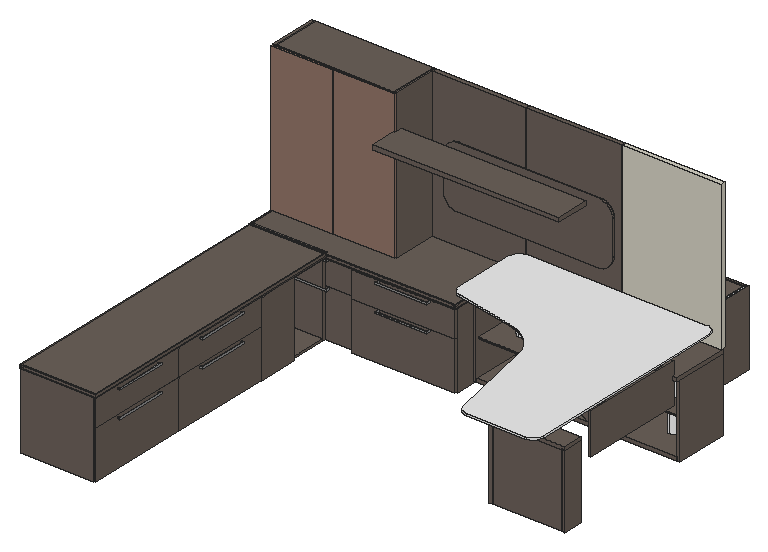
Revit family "OFS TYPICAL T100290", category Furniture, Revit 2022 (continued)
Definition of nested family "OFS STAKS HEIGHT ADJUSTABLE SWEEP TOP DESK 68x60 Top 16D Cabinet"
  Definition of nested family "APTOS SWEEP ELEVATED RUNOFF WORKSURFACE RIGHT - WOOD TOP for 18D Cabinets"
    Forms (in)
      Extrusion 3, solid, material <- "Table Material", visible <- "34-6646SWTERC", not visible
        sketch origin (0, -100, 0) x (1, 0, 0) y (0, 1, 0)
          loop
            arc (-32.9997, -44.00011) -> (-32.12102, -46.12143) -> (-29.9997, -47.00011) r 3
            line (-29.9997, -47.00011) -> (30, -47.00011)
            arc (30, -47.00011) -> (32.12132, -46.12143) -> (33, -44.00011) r 3
            line (33, -44.00011) -> (33, -3.99989)
            arc (33, -3.99989) -> (32.12132, -1.87857) -> (30, -0.99989) r 3
            line (30, -0.99989) -> (11.93633, -0.99989)
            arc (11.93633, -0.99989) -> (10.06759, -1.65301) -> (9.01253, -3.32799) r 3
            line (9.01253, -3.32799) -> (6.80757, -12.92304)
        from 28.3125 to 29.5
      Sweep 4, void, not visible
        path in 3D
          loop
            arc (33, -103.99989, 29.5) -> (32.12132, -101.87857, 29.5) -> (30, -100.99989, 29.5) r 3
            line (30, -100.99989, 29.5) -> (11.93633, -100.99989, 29.5)
            arc (11.93633, -100.99989, 29.5) -> (10.06759, -101.65301, 29.5) -> (9.01253, -103.32799, 29.5) r 3
            line (9.01253, -103.32799, 29.5) -> (6.80757, -112.92304, 29.5)
            arc (6.80757, -112.92304, 29.5) -> (3.42015, -118.89464, 29.5) -> (-2.68659, -122.03188, 29.5) r 12
            line (-2.68659, -122.03188, 29.5) -> (-30.54995, -127.2307, 29.5)
            arc (-30.54995, -127.2307, 29.5) -> (-32.30738, -128.26287, 29.5) -> (-32.9997, -130.1798, 29.5) r 3
            line (-32.9997, -130.1798, 29.5) -> (-32.9997, -144.00011, 29.5)
            arc (-32.9997, -144.00011, 29.5) -> (-32.12102, -146.12143, 29.5) -> (-29.9997, -147.00011, 29.5) r 3
            line (-29.9997, -147.00011, 29.5) -> (30, -147.00011, 29.5)
            arc (30, -147.00011, 29.5) -> (32.12132, -146.12143, 29.5) -> (33, -144.00011, 29.5) r 3
            line (33, -144.00011, 29.5) -> (33, -103.99989, 29.5)
        profile origin (33, -124, 29.5) x (-1, 0, 0) y (0, 0, 1)
          loop
            line (0, -1.1875) -> (2, -1.1875) -> (0, -0.4375) -> (0, -1.1875)
      Extrusion 5, solid, material <- "Table Material", visible <- "34-6652SWTERC"
        sketch origin (0, 0, 0) x (-1, 0, 0) y (0, -1, 0)
          loop
            arc (-5.28656, 16.00453) -> (-1.93262, 21.87607) -> (4.0634, 25.00205) r 12
            line (4.0634, 25.00205) -> (30.58089, 30.23844)
            arc (30.58089, 30.23844) -> (32.31741, 31.27682) -> (32.9997, 33.1816) r 3
            line (32.9997, 33.1816) -> (32.9997, 47.00011)
            arc (32.9997, 47.00011) -> (32.12102, 49.12143) -> (29.9997, 50.00011) r 3
            line (29.9997, 50.00011) -> (-30, 50.00011)
            arc (-30, 50.00011) -> (-32.12132, 49.12143) -> (-33, 47.00011) r 3
            line (-33, 47.00011) -> (-33, 0.99989)
            arc (-33, 0.99989) -> (-32.12132, -1.12143) -> (-30, -2.00011) r 3
            line (-30, -2.00011) -> (-11.93684, -2.00011)
            arc (-11.93684, -2.00011) -> (-10.07692, -1.35398) -> (-9.01817, 0.3061) r 3
            line (-9.01817, 0.3061) -> (-5.28656, 16.00453)
        from 28.3125 to 29.5
      Sweep 6, void
        path in 3D
          loop
            arc (33, -0.99989, 29.5) -> (32.12132, 1.12143, 29.5) -> (30, 2.00011, 29.5) r 3
            line (30, 2.00011, 29.5) -> (11.93684, 2.00011, 29.5)
            arc (11.93684, 2.00011, 29.5) -> (10.07692, 1.35398, 29.5) -> (9.01817, -0.3061, 29.5) r 3
            line (9.01817, -0.3061, 29.5) -> (5.28656, -16.00453, 29.5)
            arc (5.28656, -16.00453, 29.5) -> (1.93262, -21.87607, 29.5) -> (-4.0634, -25.00205, 29.5) r 12
            line (-4.0634, -25.00205, 29.5) -> (-30.58089, -30.23844, 29.5)
            arc (-30.58089, -30.23844, 29.5) -> (-32.31741, -31.27682, 29.5) -> (-32.9997, -33.1816, 29.5) r 3
            line (-32.9997, -33.1816, 29.5) -> (-32.9997, -47.00011, 29.5)
            arc (-32.9997, -47.00011, 29.5) -> (-32.12102, -49.12143, 29.5) -> (-29.9997, -50.00011, 29.5) r 3
            line (-29.9997, -50.00011, 29.5) -> (30, -50.00011, 29.5)
            arc (30, -50.00011, 29.5) -> (32.12132, -49.12143, 29.5) -> (33, -47.00011, 29.5) r 3
            line (33, -47.00011, 29.5) -> (33, -0.99989, 29.5)
        profile origin (33, -24, 29.5) x (-1, 0, 0) y (0, 0, 1)
          loop
            line (0, -1.1875) -> (2, -1.1875) -> (0, -0.4375) -> (0, -1.1875)
      Extrusion 7, solid, material <- "Table Material", visible <- "34-6652SWTERC", not visible
        sketch origin (0, 0, 0) x (-1, 0, 0) y (0, -1, 0)
          loop
            arc (-5.28656, 16.00453) -> (-1.93262, 21.87607) -> (4.0634, 25.00205) r 12
            line (4.0634, 25.00205) -> (30.58089, 30.23844)
            arc (30.58089, 30.23844) -> (32.31741, 31.27682) -> (32.9997, 33.1816) r 3
            line (32.9997, 33.1816) -> (32.9997, 47.00011)
            arc (32.9997, 47.00011) -> (32.12102, 49.12143) -> (29.9997, 50.00011) r 3
            line (29.9997, 50.00011) -> (-30, 50.00011)
            arc (-30, 50.00011) -> (-32.12132, 49.12143) -> (-33, 47.00011) r 3
            line (-33, 47.00011) -> (-33, 0.99989)
            arc (-33, 0.99989) -> (-32.12132, -1.12143) -> (-30, -2.00011) r 3
            line (-30, -2.00011) -> (-11.93684, -2.00011)
            arc (-11.93684, -2.00011) -> (-10.07692, -1.35398) -> (-9.01817, 0.3061) r 3
            line (-9.01817, 0.3061) -> (-5.28656, 16.00453)
        from 28.3125 to 29.5
      Sweep 8, void, not visible
        path in 3D
          loop
            arc (33, -0.99989, 29.5) -> (32.12132, 1.12143, 29.5) -> (30, 2.00011, 29.5) r 3
            line (30, 2.00011, 29.5) -> (11.93684, 2.00011, 29.5)
            arc (11.93684, 2.00011, 29.5) -> (10.07692, 1.35398, 29.5) -> (9.01817, -0.3061, 29.5) r 3
            line (9.01817, -0.3061, 29.5) -> (5.28656, -16.00453, 29.5)
            arc (5.28656, -16.00453, 29.5) -> (1.93262, -21.87607, 29.5) -> (-4.0634, -25.00205, 29.5) r 12
            line (-4.0634, -25.00205, 29.5) -> (-30.58089, -30.23844, 29.5)
            arc (-30.58089, -30.23844, 29.5) -> (-32.31741, -31.27682, 29.5) -> (-32.9997, -33.1816, 29.5) r 3
            line (-32.9997, -33.1816, 29.5) -> (-32.9997, -47.00011, 29.5)
            arc (-32.9997, -47.00011, 29.5) -> (-32.12102, -49.12143, 29.5) -> (-29.9997, -50.00011, 29.5) r 3
            line (-29.9997, -50.00011, 29.5) -> (30, -50.00011, 29.5)
            arc (30, -50.00011, 29.5) -> (32.12132, -49.12143, 29.5) -> (33, -47.00011, 29.5) r 3
            line (33, -47.00011, 29.5) -> (33, -0.99989, 29.5)
        profile origin (33, -24, 29.5) x (-1, 0, 0) y (0, 0, 1)
          loop
            line (0, -1.1875) -> (2, -1.1875) -> (0, -0.4375) -> (0, -1.1875)
      Extrusion 9, solid, material <- "Table Material", visible <- "34-6658SWTERC"
        sketch origin (0, 0, 0) x (1, 0, 0) y (0, 1, 0)
          loop
            arc (5.38443, -15.56872) -> (2.09458, -21.71956) -> (-4.06049, -25.00147) r 12
            line (-4.06049, -25.00147) -> (-30.58089, -30.23844)
            arc (-30.58089, -30.23844) -> (-32.31741, -31.27682) -> (-32.9997, -33.1816) r 3
            line (-32.9997, -33.1816) -> (-32.9997, -50.00011)
            arc (-32.9997, -50.00011) -> (-32.12102, -52.12143) -> (-29.9997, -53.00011) r 3
            line (-29.9997, -53.00011) -> (30, -53.00011)
            arc (30, -53.00011) -> (32.12132, -52.12143) -> (33, -50.00011) r 3
            line (33, -50.00011) -> (33, 2.00011)
            arc (33, 2.00011) -> (32.12132, 4.12143) -> (30, 5.00011) r 3
            line (30, 5.00011) -> (11.93598, 5.00011)
            arc (11.93598, 5.00011) -> (10.03268, 4.31905) -> (8.99356, 2.58509) r 3
            line (8.99356, 2.58509) -> (5.38443, -15.56872)
        from 28.3125 to 29.5
      Sweep 10, void
        path in 3D
          loop
            arc (30, -53.00011, 29.5) -> (32.12132, -52.12143, 29.5) -> (33, -50.00011, 29.5) r 3
            line (33, -50.00011, 29.5) -> (33, 2.00011, 29.5)
            arc (33, 2.00011, 29.5) -> (32.12132, 4.12143, 29.5) -> (30, 5.00011, 29.5) r 3
            line (30, 5.00011, 29.5) -> (11.93598, 5.00011, 29.5)
            arc (11.93598, 5.00011, 29.5) -> (10.03268, 4.31905, 29.5) -> (8.99356, 2.58509, 29.5) r 3
            line (8.99356, 2.58509, 29.5) -> (5.38443, -15.56872, 29.5)
            arc (5.38443, -15.56872, 29.5) -> (2.09458, -21.71956, 29.5) -> (-4.06049, -25.00147, 29.5) r 12
            line (-4.06049, -25.00147, 29.5) -> (-30.58089, -30.23844, 29.5)
            arc (-30.58089, -30.23844, 29.5) -> (-32.31741, -31.27682, 29.5) -> (-32.9997, -33.1816, 29.5) r 3
            line (-32.9997, -33.1816, 29.5) -> (-32.9997, -50.00011, 29.5)
            arc (-32.9997, -50.00011, 29.5) -> (-32.12102, -52.12143, 29.5) -> (-29.9997, -53.00011, 29.5) r 3
            line (-29.9997, -53.00011, 29.5) -> (30, -53.00011, 29.5)
        profile origin (0.00015, -53.00011, 29.5) x (0, 1, 0) y (0, 0, 1)
          loop
            line (0, -1.1875) -> (2, -1.1875) -> (0, -0.4375) -> (0, -1.1875)
      Extrusion 11, solid, material <- "Table Material", visible <- "34-6658SWTERC", not visible
        sketch origin (0, 0, 0) x (1, 0, 0) y (0, 1, 0)
          loop
            arc (5.38443, -15.56872) -> (2.09458, -21.71956) -> (-4.06049, -25.00147) r 12
            line (-4.06049, -25.00147) -> (-30.58089, -30.23844)
            arc (-30.58089, -30.23844) -> (-32.31741, -31.27682) -> (-32.9997, -33.1816) r 3
            line (-32.9997, -33.1816) -> (-32.9997, -50.00011)
            arc (-32.9997, -50.00011) -> (-32.12102, -52.12143) -> (-29.9997, -53.00011) r 3
            line (-29.9997, -53.00011) -> (30, -53.00011)
            arc (30, -53.00011) -> (32.12132, -52.12143) -> (33, -50.00011) r 3
            line (33, -50.00011) -> (33, 2.00011)
            arc (33, 2.00011) -> (32.12132, 4.12143) -> (30, 5.00011) r 3
            line (30, 5.00011) -> (11.93598, 5.00011)
            arc (11.93598, 5.00011) -> (10.03268, 4.31905) -> (8.99356, 2.58509) r 3
            line (8.99356, 2.58509) -> (5.38443, -15.56872)
        from 28.3125 to 29.5
      Sweep 12, void, not visible
        path in 3D
          loop
            arc (30, -53.00011, 29.5) -> (32.12132, -52.12143, 29.5) -> (33, -50.00011, 29.5) r 3
            line (33, -50.00011, 29.5) -> (33, 2.00011, 29.5)
            arc (33, 2.00011, 29.5) -> (32.12132, 4.12143, 29.5) -> (30, 5.00011, 29.5) r 3
            line (30, 5.00011, 29.5) -> (11.93598, 5.00011, 29.5)
            arc (11.93598, 5.00011, 29.5) -> (10.03268, 4.31905, 29.5) -> (8.99356, 2.58509, 29.5) r 3
            line (8.99356, 2.58509, 29.5) -> (5.38443, -15.56872, 29.5)
            arc (5.38443, -15.56872, 29.5) -> (2.09458, -21.71956, 29.5) -> (-4.06049, -25.00147, 29.5) r 12
            line (-4.06049, -25.00147, 29.5) -> (-30.58089, -30.23844, 29.5)
            arc (-30.58089, -30.23844, 29.5) -> (-32.31741, -31.27682, 29.5) -> (-32.9997, -33.1816, 29.5) r 3
            line (-32.9997, -33.1816, 29.5) -> (-32.9997, -50.00011, 29.5)
            arc (-32.9997, -50.00011, 29.5) -> (-32.12102, -52.12143, 29.5) -> (-29.9997, -53.00011, 29.5) r 3
            line (-29.9997, -53.00011, 29.5) -> (30, -53.00011, 29.5)
        profile origin (0.00015, -53.00011, 29.5) x (0, 1, 0) y (0, 0, 1)
          loop
            line (0, -1.1875) -> (2, -1.1875) -> (0, -0.4375) -> (0, -1.1875)
    Cuts and joins
      Sweep 2 cuts Extrusion 1
      Sweep 6 cuts Extrusion 5
      Sweep 10 cuts Extrusion 9
    Lines and regions (in)
      sketch lines
        curve 1: line (33, -44.00011, 29.5) -> (33, -3.99989, 29.5)
        curve 2: arc (30, -0.99989, 29.5) -> (32.12132, -1.87857, 29.5) -> (33, -3.99989, 29.5) r 3
        curve 3: line (30, -0.99989, 29.5) -> (11.93633, -0.99989, 29.5)
        curve 4: arc (9.01253, -3.32799, 29.5) -> (10.06759, -1.65301, 29.5) -> (11.93633, -0.99989, 29.5) r 3
        curve 5: line (9.01253, -3.32799, 29.5) -> (6.80757, -12.92304, 29.5)
        curve 6: arc (-2.68659, -22.03188, 29.5) -> (3.42015, -18.89464, 29.5) -> (6.80757, -12.92304, 29.5) r 12
        curve 7: line (-2.68659, -22.03188, 29.5) -> (-30.54995, -27.2307, 29.5)
        curve 8: arc (-32.9997, -30.1798, 29.5) -> (-32.30738, -28.26287, 29.5) -> (-30.54995, -27.2307, 29.5) r 3
        curve 9: line (-32.9997, -30.1798, 29.5) -> (-32.9997, -44.00011, 29.5)
        curve 10: arc (-29.9997, -47.00011, 29.5) -> (-32.12102, -46.12143, 29.5) -> (-32.9997, -44.00011, 29.5) r 3
        curve 11: line (-29.9997, -47.00011, 29.5) -> (30, -47.00011, 29.5)
        curve 12: arc (33, -44.00011, 29.5) -> (32.12132, -46.12143, 29.5) -> (30, -47.00011, 29.5) r 3
        curve 25: line (33, -47.00011, 29.5) -> (33, -0.99989, 29.5)
        curve 26: arc (30, 2.00011, 29.5) -> (32.12132, 1.12143, 29.5) -> (33, -0.99989, 29.5) r 3
        curve 27: line (30, 2.00011, 29.5) -> (11.93684, 2.00011, 29.5)
        curve 28: arc (9.01817, -0.3061, 29.5) -> (10.07692, 1.35398, 29.5) -> (11.93684, 2.00011, 29.5) r 3
        curve 29: line (9.01817, -0.3061, 29.5) -> (5.28656, -16.00453, 29.5)
        curve 30: arc (-4.0634, -25.00205, 29.5) -> (1.93262, -21.87607, 29.5) -> (5.28656, -16.00453, 29.5) r 12
        curve 31: line (-4.0634, -25.00205, 29.5) -> (-30.58089, -30.23844, 29.5)
        curve 32: arc (-32.9997, -33.1816, 29.5) -> (-32.31741, -31.27682, 29.5) -> (-30.58089, -30.23844, 29.5) r 3
        curve 33: line (-32.9997, -33.1816, 29.5) -> (-32.9997, -47.00011, 29.5)
        curve 34: arc (-29.9997, -50.00011, 29.5) -> (-32.12102, -49.12143, 29.5) -> (-32.9997, -47.00011, 29.5) r 3
        curve 35: line (-29.9997, -50.00011, 29.5) -> (30, -50.00011, 29.5)
        curve 36: arc (33, -47.00011, 29.5) -> (32.12132, -49.12143, 29.5) -> (30, -50.00011, 29.5) r 3
        curve 49: line (-29.9997, -53.00011, 29.5) -> (30, -53.00011, 29.5)
        curve 50: arc (33, -50.00011, 29.5) -> (32.12132, -52.12143, 29.5) -> (30, -53.00011, 29.5) r 3
        curve 51: line (33, -50.00011, 29.5) -> (33, 2.00011, 29.5)
        curve 52: arc (30, 5.00011, 29.5) -> (32.12132, 4.12143, 29.5) -> (33, 2.00011, 29.5) r 3
        curve 53: line (30, 5.00011, 29.5) -> (11.93598, 5.00011, 29.5)
        curve 54: arc (8.99356, 2.58509, 29.5) -> (10.03268, 4.31905, 29.5) -> (11.93598, 5.00011, 29.5) r 3
        curve 55: line (8.99356, 2.58509, 29.5) -> (5.38443, -15.56872, 29.5)
        curve 56: arc (-4.06049, -25.00147, 29.5) -> (2.09458, -21.71956, 29.5) -> (5.38443, -15.56872, 29.5) r 12
        curve 57: line (-4.06049, -25.00147, 29.5) -> (-30.58089, -30.23844, 29.5)
        curve 58: arc (-32.9997, -33.1816, 29.5) -> (-32.31741, -31.27682, 29.5) -> (-30.58089, -30.23844, 29.5) r 3
        curve 59: line (-32.9997, -33.1816, 29.5) -> (-32.9997, -50.00011, 29.5)
        curve 60: arc (-29.9997, -53.00011, 29.5) -> (-32.12102, -52.12143, 29.5) -> (-32.9997, -50.00011, 29.5) r 3
      sketch lines, not visible
        curve 13: line (33, -144.00011, 29.5) -> (33, -103.99989, 29.5)
        curve 14: arc (30, -100.99989, 29.5) -> (32.12132, -101.87857, 29.5) -> (33, -103.99989, 29.5) r 3
        curve 15: line (30, -100.99989, 29.5) -> (11.93633, -100.99989, 29.5)
        curve 16: arc (9.01253, -103.32799, 29.5) -> (10.06759, -101.65301, 29.5) -> (11.93633, -100.99989, 29.5) r 3
        curve 17: line (9.01253, -103.32799, 29.5) -> (6.80757, -112.92304, 29.5)
        curve 18: arc (-2.68659, -122.03188, 29.5) -> (3.42015, -118.89464, 29.5) -> (6.80757, -112.92304, 29.5) r 12
        curve 19: line (-2.68659, -122.03188, 29.5) -> (-30.54995, -127.2307, 29.5)
        curve 20: arc (-32.9997, -130.1798, 29.5) -> (-32.30738, -128.26287, 29.5) -> (-30.54995, -127.2307, 29.5) r 3
        curve 21: line (-32.9997, -130.1798, 29.5) -> (-32.9997, -144.00011, 29.5)
        curve 22: arc (-29.9997, -147.00011, 29.5) -> (-32.12102, -146.12143, 29.5) -> (-32.9997, -144.00011, 29.5) r 3
        curve 23: line (-29.9997, -147.00011, 29.5) -> (30, -147.00011, 29.5)
        curve 24: arc (33, -144.00011, 29.5) -> (32.12132, -146.12143, 29.5) -> (30, -147.00011, 29.5) r 3
        curve 37: line (33, -47.00011, 29.5) -> (33, -0.99989, 29.5)
        curve 38: arc (30, 2.00011, 29.5) -> (32.12132, 1.12143, 29.5) -> (33, -0.99989, 29.5) r 3
        curve 39: line (30, 2.00011, 29.5) -> (11.93684, 2.00011, 29.5)
        curve 40: arc (9.01817, -0.3061, 29.5) -> (10.07692, 1.35398, 29.5) -> (11.93684, 2.00011, 29.5) r 3
        curve 41: line (9.01817, -0.3061, 29.5) -> (5.28656, -16.00453, 29.5)
        curve 42: arc (-4.0634, -25.00205, 29.5) -> (1.93262, -21.87607, 29.5) -> (5.28656, -16.00453, 29.5) r 12
        curve 43: line (-4.0634, -25.00205, 29.5) -> (-30.58089, -30.23844, 29.5)
        curve 44: arc (-32.9997, -33.1816, 29.5) -> (-32.31741, -31.27682, 29.5) -> (-30.58089, -30.23844, 29.5) r 3
        curve 45: line (-32.9997, -33.1816, 29.5) -> (-32.9997, -47.00011, 29.5)
        curve 46: arc (-29.9997, -50.00011, 29.5) -> (-32.12102, -49.12143, 29.5) -> (-32.9997, -47.00011, 29.5) r 3
        curve 47: line (-29.9997, -50.00011, 29.5) -> (30, -50.00011, 29.5)
        curve 48: arc (33, -47.00011, 29.5) -> (32.12132, -49.12143, 29.5) -> (30, -50.00011, 29.5) r 3
        curve 61: line (-29.9997, -53.00011, 29.5) -> (30, -53.00011, 29.5)
        curve 62: arc (33, -50.00011, 29.5) -> (32.12132, -52.12143, 29.5) -> (30, -53.00011, 29.5) r 3
        curve 63: line (33, -50.00011, 29.5) -> (33, 2.00011, 29.5)
        curve 64: arc (30, 5.00011, 29.5) -> (32.12132, 4.12143, 29.5) -> (33, 2.00011, 29.5) r 3
        curve 65: line (30, 5.00011, 29.5) -> (11.93598, 5.00011, 29.5)
        curve 66: arc (8.99356, 2.58509, 29.5) -> (10.03268, 4.31905, 29.5) -> (11.93598, 5.00011, 29.5) r 3
        curve 67: line (8.99356, 2.58509, 29.5) -> (5.38443, -15.56872, 29.5)
        curve 68: arc (-4.06049, -25.00147, 29.5) -> (2.09458, -21.71956, 29.5) -> (5.38443, -15.56872, 29.5) r 12
        curve 69: line (-4.06049, -25.00147, 29.5) -> (-30.58089, -30.23844, 29.5)
        curve 70: arc (-32.9997, -33.1816, 29.5) -> (-32.31741, -31.27682, 29.5) -> (-30.58089, -30.23844, 29.5) r 3
        curve 71: line (-32.9997, -33.1816, 29.5) -> (-32.9997, -50.00011, 29.5)
        curve 72: arc (-29.9997, -53.00011, 29.5) -> (-32.12102, -52.12143, 29.5) -> (-32.9997, -50.00011, 29.5) r 3
    Dimensions and locks (in)
      "Height": plane 7 "Height Top" to plane 8
      "Bottom Board Offset": plane 8 to level
      "Depth": plane 5 "Front End" to plane 1 "Back End"
      equal spacing: plane 4 "Left End", plane 3 "Center Left/Right", plane 6 "Right End"
      "Width": plane 4 "Left End" to plane 6 "Right End"
      equal spacing: plane 5 "Front End", plane 9 "Center Front/Back", plane 1 "Back End"
      aligned and locked: level to plane 2
      aligned and locked: plane 7 "Height Top" to Extrusion 1
      aligned and locked: Extrusion 1 to plane 8
      aligned and locked: plane 7 "Height Top" to Extrusion 9
      aligned and locked: Extrusion 9 to plane 8
    Automatic sketch dimensions
      Extrusion 1 sketch curve to Extrusion 1 sketch curve = 0' - 3"  (x2)
      Extrusion 1 sketch curve to Extrusion 1 sketch curve = 2' - 6.31311"
      Extrusion 1 sketch curve to Extrusion 1 sketch curve = 0' - 9.49416"
      Extrusion 1 sketch curve to Extrusion 1 sketch curve = 0' - 2.20497"
      Extrusion 1 sketch curve to Extrusion 1 sketch curve = 0' - 2.92379"
      Extrusion 1 sketch curve to Extrusion 1 sketch curve = 1' - 6.06367"
      Extrusion 1 sketch curve to Extrusion 1 sketch curve = 2' - 8.68659"
      Extrusion 1 sketch curve to Extrusion 1 sketch curve = 0' - 2.44975"
      Extrusion 1 sketch curve to Extrusion 1 sketch curve = 0' - 0.55025"
      Extrusion 1 sketch curve to Extrusion 1 sketch curve = 0' - 2.20101"
      Extrusion 1 sketch curve to Extrusion 1 sketch curve = 1' - 9.96823"
      Extrusion 1 sketch curve to Extrusion 1 sketch curve = 0' - 9.10884"
      Extrusion 1 sketch curve to Extrusion 1 sketch curve = 0' - 8.92315"
      Extrusion 1 sketch curve to Extrusion 1 sketch curve = 0' - 2 21/64"
      Extrusion 1 sketch curve to Extrusion 1 sketch curve = 1' - 1 105/128"
      Sweep 2 sketch curve to profile plane = 0' - 1 3/16"
      Sweep 2 sketch curve to profile plane = 0' - 0"
      Sweep 2 sketch curve to profile plane = 0' - 2"
      Sweep 2 sketch curve to profile plane = 0' - 0 7/16"
      Extrusion 3 sketch curve to Extrusion 3 sketch curve = 0' - 3"  (x2)
      Extrusion 3 sketch curve to Extrusion 3 sketch curve = 2' - 6.31311"
      Extrusion 3 sketch curve to Extrusion 3 sketch curve = 0' - 9.49416"
      Extrusion 3 sketch curve to Extrusion 3 sketch curve = 0' - 2.20497"
      Extrusion 3 sketch curve to Extrusion 3 sketch curve = 0' - 2.92379"
      Extrusion 3 sketch curve to Extrusion 3 sketch curve = 1' - 6.06367"
      Extrusion 3 sketch curve to Extrusion 3 sketch curve = 2' - 8.68659"
      Extrusion 3 sketch curve to Extrusion 3 sketch curve = 0' - 2.44975"
      Extrusion 3 sketch curve to Extrusion 3 sketch curve = 0' - 0.55025"
      Extrusion 3 sketch curve to Extrusion 3 sketch curve = 0' - 2.20101"
      Extrusion 3 sketch curve to Extrusion 3 sketch curve = 1' - 9.96823"
      Extrusion 3 sketch curve to Extrusion 3 sketch curve = 0' - 9.10884"
      Extrusion 3 sketch curve to Extrusion 3 sketch curve = 0' - 8.92315"
      Extrusion 3 sketch curve to Extrusion 3 sketch curve = 0' - 2 21/64"
      Extrusion 3 sketch curve to Extrusion 3 sketch curve = 1' - 1 105/128"
      Sweep 4 sketch curve to profile plane = 0' - 1 3/16"
      Sweep 4 sketch curve to profile plane = 0' - 0"
      Sweep 4 sketch curve to profile plane = 0' - 2"
      Sweep 4 sketch curve to profile plane = 0' - 0 7/16"
      Extrusion 5 sketch curve to Extrusion 5 sketch curve = 0' - 2.91867"
      Extrusion 5 sketch curve to Extrusion 5 sketch curve = 0' - 0.58118"
      Sweep 6 sketch curve to profile plane = 0' - 0 7/16"
      Sweep 6 sketch curve to profile plane = 0' - 0"
      Sweep 6 sketch curve to profile plane = 0' - 2"
      Sweep 6 sketch curve to profile plane = 0' - 1 3/16"
      Extrusion 5 sketch curve to Extrusion 5 sketch curve = 0' - 3"  (x3)
      Extrusion 5 sketch curve to Extrusion 5 sketch curve = 1' - 6.06315"
      Extrusion 5 sketch curve to Extrusion 5 sketch curve = 0' - 3.73161"
      Extrusion 5 sketch curve to Extrusion 5 sketch curve = 0' - 9.34996"
      Extrusion 5 sketch curve to Extrusion 5 sketch curve = 2' - 1.9363"
      Extrusion 5 sketch curve to Extrusion 5 sketch curve = 0' - 0.58119"
      Extrusion 5 sketch curve to Extrusion 5 sketch curve = 0' - 11.6747"
      Extrusion 5 sketch curve to Extrusion 5 sketch curve = 1' - 1.81851"
      Extrusion 5 sketch curve to Extrusion 5 sketch curve = 0' - 5.23639"
      Extrusion 5 sketch curve to Extrusion 5 sketch curve = 0' - 8.99752"
      Extrusion 5 sketch curve to Extrusion 5 sketch curve = 1' - 3.00464"
      Extrusion 5 sketch curve to Extrusion 5 sketch curve = 0' - 2.30621"
      Extrusion 7 sketch curve to Extrusion 7 sketch curve = 0' - 2.91867"
      Extrusion 7 sketch curve to Extrusion 7 sketch curve = 0' - 0.58118"
      Sweep 8 sketch curve to profile plane = 0' - 0 7/16"
      Sweep 8 sketch curve to profile plane = 0' - 0"
      Sweep 8 sketch curve to profile plane = 0' - 2"
      Sweep 8 sketch curve to profile plane = 0' - 1 3/16"
      Extrusion 7 sketch curve to Extrusion 7 sketch curve = 0' - 3"  (x3)
      Extrusion 7 sketch curve to Extrusion 7 sketch curve = 1' - 6.06315"
      Extrusion 7 sketch curve to Extrusion 7 sketch curve = 0' - 3.73161"
      Extrusion 7 sketch curve to Extrusion 7 sketch curve = 0' - 9.34996"
      Extrusion 7 sketch curve to Extrusion 7 sketch curve = 2' - 1.9363"
      Extrusion 7 sketch curve to Extrusion 7 sketch curve = 0' - 0.58119"
      Extrusion 7 sketch curve to Extrusion 7 sketch curve = 0' - 11.6747"
      Extrusion 7 sketch curve to Extrusion 7 sketch curve = 1' - 1.81851"
      Extrusion 7 sketch curve to Extrusion 7 sketch curve = 0' - 5.23639"
      Extrusion 7 sketch curve to Extrusion 7 sketch curve = 0' - 8.99752"
      Extrusion 7 sketch curve to Extrusion 7 sketch curve = 1' - 3.00464"
      Extrusion 7 sketch curve to Extrusion 7 sketch curve = 0' - 2.30621"
      Extrusion 9 sketch curve to Extrusion 9 sketch curve = 0' - 2.94241"
      Extrusion 9 sketch curve to Extrusion 9 sketch curve = 0' - 0.58118"
      Sweep 10 sketch curve to profile plane = 0' - 1 3/16"
      Sweep 10 sketch curve to profile plane = 0' - 0"
      Sweep 10 sketch curve to profile plane = 0' - 2"
      Sweep 10 sketch curve to profile plane = 0' - 0 7/16"
      Extrusion 9 sketch curve to Extrusion 9 sketch curve = 0' - 2.41882"
      Extrusion 9 sketch curve to Extrusion 9 sketch curve = 0' - 3"  (x2)
      Extrusion 9 sketch curve to Extrusion 9 sketch curve = 2' - 2.5204"
      Extrusion 9 sketch curve to Extrusion 9 sketch curve = 0' - 9.44492"
      Extrusion 9 sketch curve to Extrusion 9 sketch curve = 0' - 3.60914"
      Extrusion 9 sketch curve to Extrusion 9 sketch curve = 2' - 10.06049"
      Extrusion 9 sketch curve to Extrusion 9 sketch curve = 1' - 6.06402"
      Extrusion 9 sketch curve to Extrusion 9 sketch curve = 0' - 11.76966"
      Extrusion 9 sketch curve to Extrusion 9 sketch curve = 1' - 4.81851"
      Extrusion 9 sketch curve to Extrusion 9 sketch curve = 0' - 5.23697"
      Extrusion 9 sketch curve to Extrusion 9 sketch curve = 0' - 9.43275"
      Extrusion 9 sketch curve to Extrusion 9 sketch curve = 1' - 5.56883"
      Extrusion 9 sketch curve to Extrusion 9 sketch curve = 0' - 2.41502"
      Extrusion 11 sketch curve to Extrusion 11 sketch curve = 0' - 2.94241"
      Extrusion 11 sketch curve to Extrusion 11 sketch curve = 0' - 0.58118"
      Sweep 12 sketch curve to profile plane = 0' - 1 3/16"
      Sweep 12 sketch curve to profile plane = 0' - 0"
      Sweep 12 sketch curve to profile plane = 0' - 2"
      Sweep 12 sketch curve to profile plane = 0' - 0 7/16"
      Extrusion 11 sketch curve to Extrusion 11 sketch curve = 0' - 2.41882"
      Extrusion 11 sketch curve to Extrusion 11 sketch curve = 0' - 3"  (x2)
      Extrusion 11 sketch curve to Extrusion 11 sketch curve = 2' - 2.5204"
      Extrusion 11 sketch curve to Extrusion 11 sketch curve = 0' - 9.44492"
      Extrusion 11 sketch curve to Extrusion 11 sketch curve = 0' - 3.60914"
      Extrusion 11 sketch curve to Extrusion 11 sketch curve = 2' - 10.06049"
      Extrusion 11 sketch curve to Extrusion 11 sketch curve = 1' - 6.06402"
      Extrusion 11 sketch curve to Extrusion 11 sketch curve = 0' - 11.76966"
      Extrusion 11 sketch curve to Extrusion 11 sketch curve = 1' - 4.81851"
      Extrusion 11 sketch curve to Extrusion 11 sketch curve = 0' - 5.23697"
      Extrusion 11 sketch curve to Extrusion 11 sketch curve = 0' - 9.43275"
      Extrusion 11 sketch curve to Extrusion 11 sketch curve = 1' - 5.56883"
      Extrusion 11 sketch curve to Extrusion 11 sketch curve = 0' - 2.41502"
  Definition of nested family "APTOS SWEEP ELEVATED RUNOFF WORKSURFACE LEFT - WOOD TOP for 18D Cabinets"
    Parameters
      Width = 5' - 6"
      URL = "http://ofsbrands.com"
      Table Material = none
      Depth = 3' - 10"
      Model = "34-6646SWTEL"
      Manufacturer = "OFS"
      Height = 0' - 1 3/16"
      Description = "OFS BRANDS OFS APTOS SWEEP ELEVATED RUNOFF WORKSURFACE 66\" x 46\" LEFT OPEN END - WOOD TOP, 1.1875\" thick Solid Surface Worksurface"
      Default Elevation = 0' - 0"
      Copyright © = "© OFS BRANDS 2017"
      Catalog = "APTOS http://ofsbrands.com/products/casegoods/private-office/aptos"
      Bottom Board Offset = 2' - 4 5/16"
      Authoring Version = "Autodesk Revit Architecture 2013"
      Assembly Code = "E2020200"
      34-6658SWTEL = no
      34-6652SWTEL = no
      34-6646SWTEL = yes
    Reference planes (in)
      plane 1 "Back End": y = -1
      plane 2: z = 0
      plane 3 "Center Left/Right": x = 0
      plane 4 "Left End": x = -33
      plane 5 "Front End": y = -47
      plane 6 "Right End": x = 33
      plane 7 "Height Top": z = 29.5
      plane 8: z = 28.3125
      plane 9 "Center Front/Back": y = -24
    Forms (in)
      Extrusion 1, solid, material <- "Table Material", visible <- "34-6646SWTEL"
        sketch origin (0, 0, 0) x (1, 0, 0) y (0, 1, 0)
          loop
            line (-11.93633, -0.99989) -> (-30, -0.99989)
            arc (-30, -0.99989) -> (-32.12132, -1.87857) -> (-33, -3.99989) r 3
            line (-33, -3.99989) -> (-33, -44.00011)
            arc (-33, -44.00011) -> (-32.12132, -46.12143) -> (-30, -47.00011) r 3
            line (-30, -47.00011) -> (29.9997, -47.00011)
            arc (29.9997, -47.00011) -> (32.12102, -46.12143) -> (32.9997, -44.00011) r 3
            line (32.9997, -44.00011) -> (32.9997, -30.1798)
            arc (32.9997, -30.1798) -> (32.30738, -28.26287) -> (30.54995, -27.2307) r 3
            line (30.54995, -27.2307) -> (2.68659, -22.03188)
            arc (2.68659, -22.03188) -> (-3.42015, -18.89464) -> (-6.80757, -12.92304) r 12
            line (-6.80757, -12.92304) -> (-9.01253, -3.32799)
            arc (-9.01253, -3.32799) -> (-10.06759, -1.65301) -> (-11.93633, -0.99989) r 3
        from 28.3125 to 29.5
      Sweep 2, void
        path in 3D
          loop
            arc (32.9997, -44.00011, 28.3125) -> (32.12102, -46.12143, 28.3125) -> (29.9997, -47.00011, 28.3125) r 3
            line (29.9997, -47.00011, 28.3125) -> (-30, -47.00011, 28.3125)
            arc (-30, -47.00011, 28.3125) -> (-32.12132, -46.12143, 28.3125) -> (-33, -44.00011, 28.3125) r 3
            line (-33, -44.00011, 28.3125) -> (-33, -3.99989, 28.3125)
            arc (-33, -3.99989, 28.3125) -> (-32.12132, -1.87857, 28.3125) -> (-30, -0.99989, 28.3125) r 3
            line (-30, -0.99989, 28.3125) -> (-11.93633, -0.99989, 28.3125)
            arc (-11.93633, -0.99989, 28.3125) -> (-10.06759, -1.65301, 28.3125) -> (-9.01253, -3.32799, 28.3125) r 3
            line (-9.01253, -3.32799, 28.3125) -> (-6.80757, -12.92304, 28.3125)
            arc (-6.80757, -12.92304, 28.3125) -> (-3.42015, -18.89464, 28.3125) -> (2.68659, -22.03188, 28.3125) r 12
            line (2.68659, -22.03188, 28.3125) -> (30.54995, -27.2307, 28.3125)
            arc (30.54995, -27.2307, 28.3125) -> (32.30738, -28.26287, 28.3125) -> (32.9997, -30.1798, 28.3125) r 3
            line (32.9997, -30.1798, 28.3125) -> (32.9997, -44.00011, 28.3125)
        profile origin (32.9997, -37.08996, 28.3125) x (-1, 0, 0) y (0, 0, -1)
          loop
            line (0, 0) -> (0, -0.6875) -> (2, 0) -> (0, 0)
      Extrusion 3, solid, material <- "Table Material", visible <- "34-6646SWTEL", not visible
        sketch origin (0, 0, 0) x (1, 0, 0) y (0, 1, 0)
          loop
            line (-11.93633, -0.99989) -> (-30, -0.99989)
            arc (-30, -0.99989) -> (-32.12132, -1.87857) -> (-33, -3.99989) r 3
            line (-33, -3.99989) -> (-33, -44.00011)
            arc (-33, -44.00011) -> (-32.12132, -46.12143) -> (-30, -47.00011) r 3
            line (-30, -47.00011) -> (29.9997, -47.00011)
            arc (29.9997, -47.00011) -> (32.12102, -46.12143) -> (32.9997, -44.00011) r 3
            line (32.9997, -44.00011) -> (32.9997, -30.1798)
            arc (32.9997, -30.1798) -> (32.30738, -28.26287) -> (30.54995, -27.2307) r 3
            line (30.54995, -27.2307) -> (2.68659, -22.03188)
            arc (2.68659, -22.03188) -> (-3.42015, -18.89464) -> (-6.80757, -12.92304) r 12
            line (-6.80757, -12.92304) -> (-9.01253, -3.32799)
            arc (-9.01253, -3.32799) -> (-10.06759, -1.65301) -> (-11.93633, -0.99989) r 3
        from 28.3125 to 29.5
      Sweep 4, void, not visible
        path in 3D
          loop
            arc (32.9997, -44.00011, 28.3125) -> (32.12102, -46.12143, 28.3125) -> (29.9997, -47.00011, 28.3125) r 3
            line (29.9997, -47.00011, 28.3125) -> (-30, -47.00011, 28.3125)
            arc (-30, -47.00011, 28.3125) -> (-32.12132, -46.12143, 28.3125) -> (-33, -44.00011, 28.3125) r 3
            line (-33, -44.00011, 28.3125) -> (-33, -3.99989, 28.3125)
            arc (-33, -3.99989, 28.3125) -> (-32.12132, -1.87857, 28.3125) -> (-30, -0.99989, 28.3125) r 3
            line (-30, -0.99989, 28.3125) -> (-11.93633, -0.99989, 28.3125)
            arc (-11.93633, -0.99989, 28.3125) -> (-10.06759, -1.65301, 28.3125) -> (-9.01253, -3.32799, 28.3125) r 3
            line (-9.01253, -3.32799, 28.3125) -> (-6.80757, -12.92304, 28.3125)
            arc (-6.80757, -12.92304, 28.3125) -> (-3.42015, -18.89464, 28.3125) -> (2.68659, -22.03188, 28.3125) r 12
            line (2.68659, -22.03188, 28.3125) -> (30.54995, -27.2307, 28.3125)
            arc (30.54995, -27.2307, 28.3125) -> (32.30738, -28.26287, 28.3125) -> (32.9997, -30.1798, 28.3125) r 3
            line (32.9997, -30.1798, 28.3125) -> (32.9997, -44.00011, 28.3125)
        profile origin (32.9997, -37.08996, 28.3125) x (-1, 0, 0) y (0, 0, -1)
          loop
            line (0, 0) -> (0, -0.6875) -> (2, 0) -> (0, 0)
      Extrusion 5, solid, material <- "Table Material", visible <- "34-6652SWTEL"
        sketch origin (0, 0, 0) x (1, 0, 0) y (0, 1, 0)
          loop
            line (-33, -0.99989) -> (-33, -47.00011)
            arc (-33, -47.00011) -> (-32.12132, -49.12143) -> (-30, -50.00011) r 3
            line (-30, -50.00011) -> (29.9997, -50.00011)
            arc (29.9997, -50.00011) -> (32.12102, -49.12143) -> (32.9997, -47.00011) r 3
            line (32.9997, -47.00011) -> (32.9997, -33.1816)
            arc (32.9997, -33.1816) -> (32.31741, -31.27682) -> (30.58089, -30.23844) r 3
            line (30.58089, -30.23844) -> (4.0634, -25.00205)
            arc (4.0634, -25.00205) -> (-1.93262, -21.87607) -> (-5.28656, -16.00453) r 12
            line (-5.28656, -16.00453) -> (-9.01817, -0.3061)
            arc (-9.01817, -0.3061) -> (-10.07692, 1.35398) -> (-11.93684, 2.00011) r 3
            line (-11.93684, 2.00011) -> (-30, 2.00011)
            arc (-30, 2.00011) -> (-32.12132, 1.12143) -> (-33, -0.99989) r 3
        from 28.3125 to 29.5
      Sweep 6, void
        path in 3D
          loop
            arc (-30, 2.00011, 29.5) -> (-32.12132, 1.12143, 29.5) -> (-33, -0.99989, 29.5) r 3
            line (-33, -0.99989, 29.5) -> (-33, -47.00011, 29.5)
            arc (-33, -47.00011, 29.5) -> (-32.12132, -49.12143, 29.5) -> (-30, -50.00011, 29.5) r 3
            line (-30, -50.00011, 29.5) -> (29.9997, -50.00011, 29.5)
            arc (29.9997, -50.00011, 29.5) -> (32.12102, -49.12143, 29.5) -> (32.9997, -47.00011, 29.5) r 3
            line (32.9997, -47.00011, 29.5) -> (32.9997, -33.1816, 29.5)
            arc (32.9997, -33.1816, 29.5) -> (32.31741, -31.27682, 29.5) -> (30.58089, -30.23844, 29.5) r 3
            line (30.58089, -30.23844, 29.5) -> (4.0634, -25.00205, 29.5)
            arc (4.0634, -25.00205, 29.5) -> (-1.93262, -21.87607, 29.5) -> (-5.28656, -16.00453, 29.5) r 12
            line (-5.28656, -16.00453, 29.5) -> (-9.01817, -0.3061, 29.5)
            arc (-9.01817, -0.3061, 29.5) -> (-10.07692, 1.35398, 29.5) -> (-11.93684, 2.00011, 29.5) r 3
            line (-11.93684, 2.00011, 29.5) -> (-30, 2.00011, 29.5)
        profile origin (-20.96842, 2.00011, 29.5) x (0, -1, 0) y (0, 0, 1)
          loop
            line (0, -1.1875) -> (2, -1.1875) -> (0, -0.5) -> (0, -1.1875)
      Extrusion 7, solid, material <- "Table Material", visible <- "34-6652SWTEL", not visible
        sketch origin (0, 0, 0) x (1, 0, 0) y (0, 1, 0)
          loop
            line (-33, -0.99989) -> (-33, -47.00011)
            arc (-33, -47.00011) -> (-32.12132, -49.12143) -> (-30, -50.00011) r 3
            line (-30, -50.00011) -> (29.9997, -50.00011)
            arc (29.9997, -50.00011) -> (32.12102, -49.12143) -> (32.9997, -47.00011) r 3
            line (32.9997, -47.00011) -> (32.9997, -33.1816)
            arc (32.9997, -33.1816) -> (32.31741, -31.27682) -> (30.58089, -30.23844) r 3
            line (30.58089, -30.23844) -> (4.0634, -25.00205)
            arc (4.0634, -25.00205) -> (-1.93262, -21.87607) -> (-5.28656, -16.00453) r 12
            line (-5.28656, -16.00453) -> (-9.01817, -0.3061)
            arc (-9.01817, -0.3061) -> (-10.07692, 1.35398) -> (-11.93684, 2.00011) r 3
            line (-11.93684, 2.00011) -> (-30, 2.00011)
            arc (-30, 2.00011) -> (-32.12132, 1.12143) -> (-33, -0.99989) r 3
        from 28.3125 to 29.5
      Sweep 8, void, not visible
        path in 3D
          loop
            arc (-30, 2.00011, 29.5) -> (-32.12132, 1.12143, 29.5) -> (-33, -0.99989, 29.5) r 3
            line (-33, -0.99989, 29.5) -> (-33, -47.00011, 29.5)
            arc (-33, -47.00011, 29.5) -> (-32.12132, -49.12143, 29.5) -> (-30, -50.00011, 29.5) r 3
            line (-30, -50.00011, 29.5) -> (29.9997, -50.00011, 29.5)
            arc (29.9997, -50.00011, 29.5) -> (32.12102, -49.12143, 29.5) -> (32.9997, -47.00011, 29.5) r 3
            line (32.9997, -47.00011, 29.5) -> (32.9997, -33.1816, 29.5)
            arc (32.9997, -33.1816, 29.5) -> (32.31741, -31.27682, 29.5) -> (30.58089, -30.23844, 29.5) r 3
            line (30.58089, -30.23844, 29.5) -> (4.0634, -25.00205, 29.5)
            arc (4.0634, -25.00205, 29.5) -> (-1.93262, -21.87607, 29.5) -> (-5.28656, -16.00453, 29.5) r 12
            line (-5.28656, -16.00453, 29.5) -> (-9.01817, -0.3061, 29.5)
            arc (-9.01817, -0.3061, 29.5) -> (-10.07692, 1.35398, 29.5) -> (-11.93684, 2.00011, 29.5) r 3
            line (-11.93684, 2.00011, 29.5) -> (-30, 2.00011, 29.5)
        profile origin (-20.96842, 2.00011, 29.5) x (0, -1, 0) y (0, 0, 1)
          loop
            line (0, -1.1875) -> (2, -1.1875) -> (0, -0.5) -> (0, -1.1875)
      Extrusion 9, solid, material <- "Table Material", visible <- "34-6658SWTEL"
        sketch origin (0, 0, 0) x (1, 0, 0) y (0, 1, 0)
          loop
            line (-5.38443, -15.56872) -> (-8.99356, 2.58509)
            arc (-8.99356, 2.58509) -> (-10.03268, 4.31905) -> (-11.93598, 5.00011) r 3
            line (-11.93598, 5.00011) -> (-30, 5.00011)
            arc (-30, 5.00011) -> (-32.12132, 4.12143) -> (-33, 2.00011) r 3
            line (-33, 2.00011) -> (-33, -50.00011)
            arc (-33, -50.00011) -> (-32.12132, -52.12143) -> (-30, -53.00011) r 3
            line (-30, -53.00011) -> (29.9997, -53.00011)
            arc (29.9997, -53.00011) -> (32.12102, -52.12143) -> (32.9997, -50.00011) r 3
            line (32.9997, -50.00011) -> (32.9997, -33.1816)
            arc (32.9997, -33.1816) -> (32.31741, -31.27682) -> (30.58089, -30.23844) r 3
            line (30.58089, -30.23844) -> (4.06049, -25.00147)
            arc (4.06049, -25.00147) -> (-2.09458, -21.71956) -> (-5.38443, -15.56872) r 12
        from 28.3125 to 29.5
      Sweep 10, void
        path in 3D
          loop
            arc (32.9997, -33.1816, 29.5) -> (32.31741, -31.27682, 29.5) -> (30.58089, -30.23844, 29.5) r 3
            line (30.58089, -30.23844, 29.5) -> (4.06049, -25.00147, 29.5)
            arc (4.06049, -25.00147, 29.5) -> (-2.09458, -21.71956, 29.5) -> (-5.38443, -15.56872, 29.5) r 12
            line (-5.38443, -15.56872, 29.5) -> (-8.99356, 2.58509, 29.5)
            arc (-8.99356, 2.58509, 29.5) -> (-10.03268, 4.31905, 29.5) -> (-11.93598, 5.00011, 29.5) r 3
            line (-11.93598, 5.00011, 29.5) -> (-30, 5.00011, 29.5)
            arc (-30, 5.00011, 29.5) -> (-32.12132, 4.12143, 29.5) -> (-33, 2.00011, 29.5) r 3
            line (-33, 2.00011, 29.5) -> (-33, -50.00011, 29.5)
            arc (-33, -50.00011, 29.5) -> (-32.12132, -52.12143, 29.5) -> (-30, -53.00011, 29.5) r 3
            line (-30, -53.00011, 29.5) -> (29.9997, -53.00011, 29.5)
            arc (29.9997, -53.00011, 29.5) -> (32.12102, -52.12143, 29.5) -> (32.9997, -50.00011, 29.5) r 3
            line (32.9997, -50.00011, 29.5) -> (32.9997, -33.1816, 29.5)
        profile origin (32.9997, -41.59086, 29.5) x (-1, 0, 0) y (0, 0, 1)
          loop
            line (0, -0.5) -> (0, -1.1875) -> (2, -1.1875) -> (0, -0.5)
      Extrusion 11, solid, material <- "Table Material", visible <- "34-6658SWTEL", not visible
        sketch origin (0, 0, 0) x (1, 0, 0) y (0, 1, 0)
          loop
            line (-5.38443, -15.56872) -> (-8.99356, 2.58509)
            arc (-8.99356, 2.58509) -> (-10.03268, 4.31905) -> (-11.93598, 5.00011) r 3
            line (-11.93598, 5.00011) -> (-30, 5.00011)
            arc (-30, 5.00011) -> (-32.12132, 4.12143) -> (-33, 2.00011) r 3
            line (-33, 2.00011) -> (-33, -50.00011)
            arc (-33, -50.00011) -> (-32.12132, -52.12143) -> (-30, -53.00011) r 3
            line (-30, -53.00011) -> (29.9997, -53.00011)
            arc (29.9997, -53.00011) -> (32.12102, -52.12143) -> (32.9997, -50.00011) r 3
            line (32.9997, -50.00011) -> (32.9997, -33.1816)
            arc (32.9997, -33.1816) -> (32.31741, -31.27682) -> (30.58089, -30.23844) r 3
            line (30.58089, -30.23844) -> (4.06049, -25.00147)
            arc (4.06049, -25.00147) -> (-2.09458, -21.71956) -> (-5.38443, -15.56872) r 12
        from 28.3125 to 29.5
      Sweep 12, void, not visible
        path in 3D
          loop
            arc (32.9997, -33.1816, 29.5) -> (32.31741, -31.27682, 29.5) -> (30.58089, -30.23844, 29.5) r 3
            line (30.58089, -30.23844, 29.5) -> (4.06049, -25.00147, 29.5)
            arc (4.06049, -25.00147, 29.5) -> (-2.09458, -21.71956, 29.5) -> (-5.38443, -15.56872, 29.5) r 12
            line (-5.38443, -15.56872, 29.5) -> (-8.99356, 2.58509, 29.5)
            arc (-8.99356, 2.58509, 29.5) -> (-10.03268, 4.31905, 29.5) -> (-11.93598, 5.00011, 29.5) r 3
            line (-11.93598, 5.00011, 29.5) -> (-30, 5.00011, 29.5)
            arc (-30, 5.00011, 29.5) -> (-32.12132, 4.12143, 29.5) -> (-33, 2.00011, 29.5) r 3
            line (-33, 2.00011, 29.5) -> (-33, -50.00011, 29.5)
            arc (-33, -50.00011, 29.5) -> (-32.12132, -52.12143, 29.5) -> (-30, -53.00011, 29.5) r 3
            line (-30, -53.00011, 29.5) -> (29.9997, -53.00011, 29.5)
            arc (29.9997, -53.00011, 29.5) -> (32.12102, -52.12143, 29.5) -> (32.9997, -50.00011, 29.5) r 3
            line (32.9997, -50.00011, 29.5) -> (32.9997, -33.1816, 29.5)
        profile origin (32.9997, -41.59086, 29.5) x (-1, 0, 0) y (0, 0, 1)
          loop
            line (0, -0.5) -> (0, -1.1875) -> (2, -1.1875) -> (0, -0.5)
    Cuts and joins
      Sweep 2 cuts Extrusion 1
      Sweep 6 cuts Extrusion 5
      Sweep 10 cuts Extrusion 9
    Lines and regions (in)
      sketch lines
        curve 1: line (32.9997, -30.1798, 28.3125) -> (32.9997, -44.00011, 28.3125)
        curve 2: arc (32.9997, -30.1798, 28.3125) -> (32.30738, -28.26287, 28.3125) -> (30.54995, -27.2307, 28.3125) r 3
        curve 3: line (2.68659, -22.03188, 28.3125) -> (30.54995, -27.2307, 28.3125)
        curve 4: arc (2.68659, -22.03188, 28.3125) -> (-3.42015, -18.89464, 28.3125) -> (-6.80757, -12.92304, 28.3125) r 12
        curve 5: line (-9.01253, -3.32799, 28.3125) -> (-6.80757, -12.92304, 28.3125)
        curve 6: arc (-9.01253, -3.32799, 28.3125) -> (-10.06759, -1.65301, 28.3125) -> (-11.93633, -0.99989, 28.3125) r 3
        curve 7: line (-30, -0.99989, 28.3125) -> (-11.93633, -0.99989, 28.3125)
        curve 8: arc (-30, -0.99989, 28.3125) -> (-32.12132, -1.87857, 28.3125) -> (-33, -3.99989, 28.3125) r 3
        curve 9: line (-33, -44.00011, 28.3125) -> (-33, -3.99989, 28.3125)
        curve 10: arc (-33, -44.00011, 28.3125) -> (-32.12132, -46.12143, 28.3125) -> (-30, -47.00011, 28.3125) r 3
        curve 11: line (29.9997, -47.00011, 28.3125) -> (-30, -47.00011, 28.3125)
        curve 12: arc (29.9997, -47.00011, 28.3125) -> (32.12102, -46.12143, 28.3125) -> (32.9997, -44.00011, 28.3125) r 3
        curve 25: line (-11.93684, 2.00011, 29.5) -> (-30, 2.00011, 29.5)
        curve 26: arc (-33, -0.99989, 29.5) -> (-32.12132, 1.12143, 29.5) -> (-30, 2.00011, 29.5) r 3
        curve 27: line (-33, -0.99989, 29.5) -> (-33, -47.00011, 29.5)
        curve 28: arc (-30, -50.00011, 29.5) -> (-32.12132, -49.12143, 29.5) -> (-33, -47.00011, 29.5) r 3
        curve 29: line (-30, -50.00011, 29.5) -> (29.9997, -50.00011, 29.5)
        curve 30: arc (32.9997, -47.00011, 29.5) -> (32.12102, -49.12143, 29.5) -> (29.9997, -50.00011, 29.5) r 3
        curve 31: line (32.9997, -47.00011, 29.5) -> (32.9997, -33.1816, 29.5)
        curve 32: arc (30.58089, -30.23844, 29.5) -> (32.31741, -31.27682, 29.5) -> (32.9997, -33.1816, 29.5) r 3
        curve 33: line (30.58089, -30.23844, 29.5) -> (4.0634, -25.00205, 29.5)
        curve 34: arc (-5.28656, -16.00453, 29.5) -> (-1.93262, -21.87607, 29.5) -> (4.0634, -25.00205, 29.5) r 12
        curve 35: line (-5.28656, -16.00453, 29.5) -> (-9.01817, -0.3061, 29.5)
        curve 36: arc (-11.93684, 2.00011, 29.5) -> (-10.07692, 1.35398, 29.5) -> (-9.01817, -0.3061, 29.5) r 3
        curve 49: line (32.9997, -50.00011, 29.5) -> (32.9997, -33.1816, 29.5)
        curve 50: arc (30.58089, -30.23844, 29.5) -> (32.31741, -31.27682, 29.5) -> (32.9997, -33.1816, 29.5) r 3
        curve 51: line (30.58089, -30.23844, 29.5) -> (4.06049, -25.00147, 29.5)
        curve 52: arc (-5.38443, -15.56872, 29.5) -> (-2.09458, -21.71956, 29.5) -> (4.06049, -25.00147, 29.5) r 12
        curve 53: line (-5.38443, -15.56872, 29.5) -> (-8.99356, 2.58509, 29.5)
        curve 54: arc (-11.93598, 5.00011, 29.5) -> (-10.03268, 4.31905, 29.5) -> (-8.99356, 2.58509, 29.5) r 3
        curve 55: line (-11.93598, 5.00011, 29.5) -> (-30, 5.00011, 29.5)
        curve 56: arc (-33, 2.00011, 29.5) -> (-32.12132, 4.12143, 29.5) -> (-30, 5.00011, 29.5) r 3
        curve 57: line (-33, 2.00011, 29.5) -> (-33, -50.00011, 29.5)
        curve 58: arc (-30, -53.00011, 29.5) -> (-32.12132, -52.12143, 29.5) -> (-33, -50.00011, 29.5) r 3
        curve 59: line (-30, -53.00011, 29.5) -> (29.9997, -53.00011, 29.5)
        curve 60: arc (32.9997, -50.00011, 29.5) -> (32.12102, -52.12143, 29.5) -> (29.9997, -53.00011, 29.5) r 3
      sketch lines, not visible
        curve 13: line (32.9997, -30.1798, 28.3125) -> (32.9997, -44.00011, 28.3125)
        curve 14: arc (32.9997, -30.1798, 28.3125) -> (32.30738, -28.26287, 28.3125) -> (30.54995, -27.2307, 28.3125) r 3
        curve 15: line (2.68659, -22.03188, 28.3125) -> (30.54995, -27.2307, 28.3125)
        curve 16: arc (2.68659, -22.03188, 28.3125) -> (-3.42015, -18.89464, 28.3125) -> (-6.80757, -12.92304, 28.3125) r 12
        curve 17: line (-9.01253, -3.32799, 28.3125) -> (-6.80757, -12.92304, 28.3125)
        curve 18: arc (-9.01253, -3.32799, 28.3125) -> (-10.06759, -1.65301, 28.3125) -> (-11.93633, -0.99989, 28.3125) r 3
        curve 19: line (-30, -0.99989, 28.3125) -> (-11.93633, -0.99989, 28.3125)
        curve 20: arc (-30, -0.99989, 28.3125) -> (-32.12132, -1.87857, 28.3125) -> (-33, -3.99989, 28.3125) r 3
        curve 21: line (-33, -44.00011, 28.3125) -> (-33, -3.99989, 28.3125)
        curve 22: arc (-33, -44.00011, 28.3125) -> (-32.12132, -46.12143, 28.3125) -> (-30, -47.00011, 28.3125) r 3
        curve 23: line (29.9997, -47.00011, 28.3125) -> (-30, -47.00011, 28.3125)
        curve 24: arc (29.9997, -47.00011, 28.3125) -> (32.12102, -46.12143, 28.3125) -> (32.9997, -44.00011, 28.3125) r 3
        curve 37: line (-11.93684, 2.00011, 29.5) -> (-30, 2.00011, 29.5)
        curve 38: arc (-33, -0.99989, 29.5) -> (-32.12132, 1.12143, 29.5) -> (-30, 2.00011, 29.5) r 3
        curve 39: line (-33, -0.99989, 29.5) -> (-33, -47.00011, 29.5)
        curve 40: arc (-30, -50.00011, 29.5) -> (-32.12132, -49.12143, 29.5) -> (-33, -47.00011, 29.5) r 3
        curve 41: line (-30, -50.00011, 29.5) -> (29.9997, -50.00011, 29.5)
        curve 42: arc (32.9997, -47.00011, 29.5) -> (32.12102, -49.12143, 29.5) -> (29.9997, -50.00011, 29.5) r 3
        curve 43: line (32.9997, -47.00011, 29.5) -> (32.9997, -33.1816, 29.5)
        curve 44: arc (30.58089, -30.23844, 29.5) -> (32.31741, -31.27682, 29.5) -> (32.9997, -33.1816, 29.5) r 3
        curve 45: line (30.58089, -30.23844, 29.5) -> (4.0634, -25.00205, 29.5)
        curve 46: arc (-5.28656, -16.00453, 29.5) -> (-1.93262, -21.87607, 29.5) -> (4.0634, -25.00205, 29.5) r 12
        curve 47: line (-5.28656, -16.00453, 29.5) -> (-9.01817, -0.3061, 29.5)
        curve 48: arc (-11.93684, 2.00011, 29.5) -> (-10.07692, 1.35398, 29.5) -> (-9.01817, -0.3061, 29.5) r 3
        curve 61: line (32.9997, -50.00011, 29.5) -> (32.9997, -33.1816, 29.5)
        curve 62: arc (30.58089, -30.23844, 29.5) -> (32.31741, -31.27682, 29.5) -> (32.9997, -33.1816, 29.5) r 3
        curve 63: line (30.58089, -30.23844, 29.5) -> (4.06049, -25.00147, 29.5)
        curve 64: arc (-5.38443, -15.56872, 29.5) -> (-2.09458, -21.71956, 29.5) -> (4.06049, -25.00147, 29.5) r 12
        curve 65: line (-5.38443, -15.56872, 29.5) -> (-8.99356, 2.58509, 29.5)
        curve 66: arc (-11.93598, 5.00011, 29.5) -> (-10.03268, 4.31905, 29.5) -> (-8.99356, 2.58509, 29.5) r 3
        curve 67: line (-11.93598, 5.00011, 29.5) -> (-30, 5.00011, 29.5)
        curve 68: arc (-33, 2.00011, 29.5) -> (-32.12132, 4.12143, 29.5) -> (-30, 5.00011, 29.5) r 3
        curve 69: line (-33, 2.00011, 29.5) -> (-33, -50.00011, 29.5)
        curve 70: arc (-30, -53.00011, 29.5) -> (-32.12132, -52.12143, 29.5) -> (-33, -50.00011, 29.5) r 3
        curve 71: line (-30, -53.00011, 29.5) -> (29.9997, -53.00011, 29.5)
        curve 72: arc (32.9997, -50.00011, 29.5) -> (32.12102, -52.12143, 29.5) -> (29.9997, -53.00011, 29.5) r 3
    Dimensions and locks (in)
      "Height": plane 7 "Height Top" to plane 8
      "Bottom Board Offset": plane 8 to level
      "Depth": plane 5 "Front End" to plane 1 "Back End"
      equal spacing: plane 4 "Left End", plane 3 "Center Left/Right", plane 6 "Right End"
      "Width": plane 4 "Left End" to plane 6 "Right End"
      equal spacing: plane 5 "Front End", plane 9 "Center Front/Back", plane 1 "Back End"
      aligned and locked: level to plane 2
      aligned and locked: plane 7 "Height Top" to Extrusion 1
      aligned and locked: Extrusion 1 to plane 8
      aligned and locked: plane 7 "Height Top" to Extrusion 5
      aligned and locked: Extrusion 5 to plane 8
      aligned and locked: plane 7 "Height Top" to Extrusion 9
      aligned and locked: Extrusion 9 to plane 8
    Automatic sketch dimensions
      Extrusion 1 sketch curve to Extrusion 1 sketch curve = 0' - 2.92379"
      Extrusion 1 sketch curve to Extrusion 1 sketch curve = 0' - 3"  (x4)
      Extrusion 1 sketch curve to Extrusion 1 sketch curve = 0' - 9.59505"
      Sweep 2 sketch curve to profile plane = 0' - 0"  (x2)
      Sweep 2 sketch curve to profile plane = 0' - 2"
      Sweep 2 sketch curve to profile plane = 0' - 0 11/16"
      Extrusion 1 sketch curve to Extrusion 1 sketch curve = 1' - 6.06367"
      Extrusion 1 sketch curve to Extrusion 1 sketch curve = 0' - 2.20497"
      Extrusion 1 sketch curve to Extrusion 1 sketch curve = 0' - 9.49416"
      Extrusion 1 sketch curve to Extrusion 1 sketch curve = 2' - 3.31311"
      Extrusion 1 sketch curve to Extrusion 1 sketch curve = 0' - 0.55025"
      Extrusion 1 sketch curve to Extrusion 1 sketch curve = 0' - 11.69517"
      Extrusion 1 sketch curve to Extrusion 1 sketch curve = 1' - 1 105/128"
      Extrusion 1 sketch curve to Extrusion 1 sketch curve = 0' - 5.19882"
      Extrusion 1 sketch curve to Extrusion 1 sketch curve = 0' - 9.10884"
      Extrusion 1 sketch curve to Extrusion 1 sketch curve = 0' - 0 43/64"
      Extrusion 3 sketch curve to Extrusion 3 sketch curve = 0' - 2.92379"
      Extrusion 3 sketch curve to Extrusion 3 sketch curve = 0' - 3"  (x4)
      Extrusion 3 sketch curve to Extrusion 3 sketch curve = 0' - 9.59505"
      Sweep 4 sketch curve to profile plane = 0' - 0"  (x2)
      Sweep 4 sketch curve to profile plane = 0' - 2"
      Sweep 4 sketch curve to profile plane = 0' - 0 11/16"
      Extrusion 3 sketch curve to Extrusion 3 sketch curve = 1' - 6.06367"
      Extrusion 3 sketch curve to Extrusion 3 sketch curve = 0' - 2.20497"
      Extrusion 3 sketch curve to Extrusion 3 sketch curve = 0' - 9.49416"
      Extrusion 3 sketch curve to Extrusion 3 sketch curve = 2' - 3.31311"
      Extrusion 3 sketch curve to Extrusion 3 sketch curve = 0' - 0.55025"
      Extrusion 3 sketch curve to Extrusion 3 sketch curve = 0' - 11.69517"
      Extrusion 3 sketch curve to Extrusion 3 sketch curve = 1' - 1 105/128"
      Extrusion 3 sketch curve to Extrusion 3 sketch curve = 0' - 5.19882"
      Extrusion 3 sketch curve to Extrusion 3 sketch curve = 0' - 9.10884"
      Extrusion 3 sketch curve to Extrusion 3 sketch curve = 0' - 0 43/64"
      Extrusion 5 sketch curve to Extrusion 5 sketch curve = 0' - 2.91867"
      Extrusion 5 sketch curve to Extrusion 5 sketch curve = 0' - 3"  (x4)
      Sweep 6 sketch curve to profile plane = 0' - 0"
      Sweep 6 sketch curve to profile plane = 0' - 1 3/16"
      Sweep 6 sketch curve to profile plane = 0' - 2"
      Sweep 6 sketch curve to profile plane = 0' - 0 1/2"
      Extrusion 5 sketch curve to Extrusion 5 sketch curve = 1' - 6.06315"
      Extrusion 5 sketch curve to Extrusion 5 sketch curve = 0' - 3.73161"
      Extrusion 5 sketch curve to Extrusion 5 sketch curve = 0' - 9.34996"
      Extrusion 5 sketch curve to Extrusion 5 sketch curve = 2' - 1.9363"
      Extrusion 5 sketch curve to Extrusion 5 sketch curve = 0' - 0.58119"
      Extrusion 5 sketch curve to Extrusion 5 sketch curve = 0' - 11.6747"
      Extrusion 5 sketch curve to Extrusion 5 sketch curve = 1' - 1.81851"
      Extrusion 5 sketch curve to Extrusion 5 sketch curve = 0' - 5.23639"
      Extrusion 5 sketch curve to Extrusion 5 sketch curve = 0' - 8.99752"
      Extrusion 5 sketch curve to Extrusion 5 sketch curve = 1' - 3.00464"
      Extrusion 5 sketch curve to Extrusion 5 sketch curve = 0' - 2.30621"
      Extrusion 7 sketch curve to Extrusion 7 sketch curve = 0' - 2.91867"
      Extrusion 7 sketch curve to Extrusion 7 sketch curve = 0' - 3"  (x4)
      Sweep 8 sketch curve to profile plane = 0' - 0"
      Sweep 8 sketch curve to profile plane = 0' - 1 3/16"
      Sweep 8 sketch curve to profile plane = 0' - 2"
      Sweep 8 sketch curve to profile plane = 0' - 0 1/2"
      Extrusion 7 sketch curve to Extrusion 7 sketch curve = 1' - 6.06315"
      Extrusion 7 sketch curve to Extrusion 7 sketch curve = 0' - 3.73161"
      Extrusion 7 sketch curve to Extrusion 7 sketch curve = 0' - 9.34996"
      Extrusion 7 sketch curve to Extrusion 7 sketch curve = 2' - 1.9363"
      Extrusion 7 sketch curve to Extrusion 7 sketch curve = 0' - 0.58119"
      Extrusion 7 sketch curve to Extrusion 7 sketch curve = 0' - 11.6747"
      Extrusion 7 sketch curve to Extrusion 7 sketch curve = 1' - 1.81851"
      Extrusion 7 sketch curve to Extrusion 7 sketch curve = 0' - 5.23639"
      Extrusion 7 sketch curve to Extrusion 7 sketch curve = 0' - 8.99752"
      Extrusion 7 sketch curve to Extrusion 7 sketch curve = 1' - 3.00464"
      Extrusion 7 sketch curve to Extrusion 7 sketch curve = 0' - 2.30621"
      Extrusion 9 sketch curve to Extrusion 9 sketch curve = 0' - 2.94241"
      Extrusion 9 sketch curve to Extrusion 9 sketch curve = 0' - 0.58118"
      Sweep 10 sketch curve to profile plane = 0' - 1 3/16"
      Sweep 10 sketch curve to profile plane = 0' - 0"
      Sweep 10 sketch curve to profile plane = 0' - 2"
      Sweep 10 sketch curve to profile plane = 0' - 0 1/2"
      Extrusion 9 sketch curve to Extrusion 9 sketch curve = 0' - 3"  (x3)
      Extrusion 9 sketch curve to Extrusion 9 sketch curve = 1' - 6.06402"
      Extrusion 9 sketch curve to Extrusion 9 sketch curve = 0' - 3.60914"
      Extrusion 9 sketch curve to Extrusion 9 sketch curve = 0' - 9.44492"
      Extrusion 9 sketch curve to Extrusion 9 sketch curve = 2' - 1.93921"
      Extrusion 9 sketch curve to Extrusion 9 sketch curve = 0' - 0.58119"
      Extrusion 9 sketch curve to Extrusion 9 sketch curve = 0' - 11.76966"
      Extrusion 9 sketch curve to Extrusion 9 sketch curve = 1' - 4.81851"
      Extrusion 9 sketch curve to Extrusion 9 sketch curve = 0' - 5.23697"
      Extrusion 9 sketch curve to Extrusion 9 sketch curve = 0' - 9.43275"
      Extrusion 9 sketch curve to Extrusion 9 sketch curve = 1' - 5.56883"
      Extrusion 9 sketch curve to Extrusion 9 sketch curve = 0' - 2.41502"
